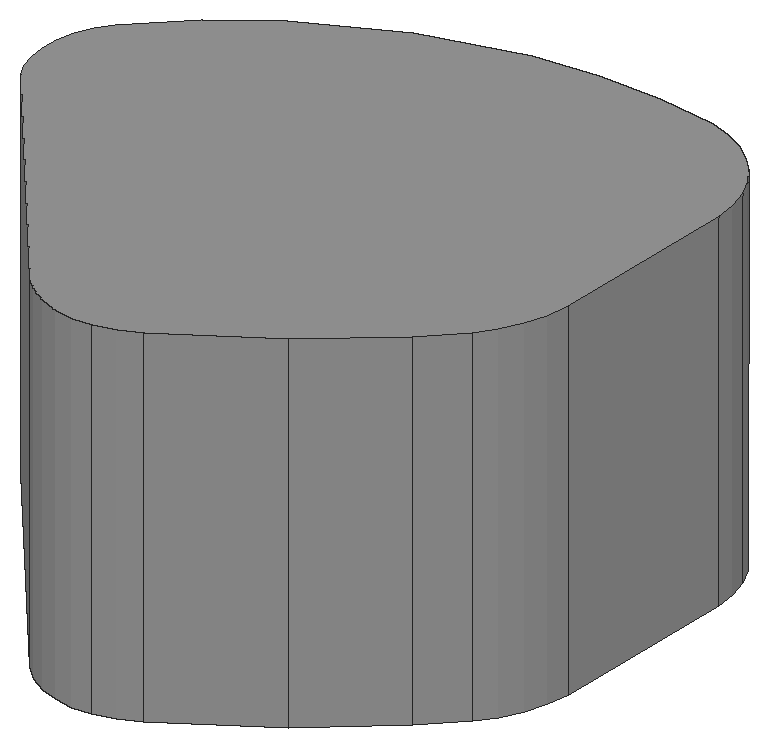
Revit family "Clue_Tables_L23", category Furniture, Revit 2013
Parameters (values of type "CL23")
  Model = "Clue Table L23"
  Length = 1' - 11"
  Glide = Plastic-Bernhardt-Black
  Description = "Table"
  Width = 1' - 8 5/8"
  URL = "http://bernhardtdesign.com/"
  Product Page URL = "http://www.bernhardtdesign.com/products/clue/index.html"
  Product Name = "Clue"
  Product Documentation Link = "http://www.bernhardtdesign.com/pdf/pricelists/occasional/Clue_PL.pdf"
  Manufacturer = "Bernhardt "  # constant formula
  Level Certification = ""
  Height = 1' - 3 1/2"
  GreenGuard Certification = ""
  Bernhardt Wood = Wood-Bernhardt-Walnut
Reference planes (in)
  plane 1 "Center (Front/Back)": y = 0
  plane 2 "Bottom": z = 0
  plane 3 "Center (Left/Right)": x = 0
  plane 4: z = 15.5
  plane 5 "top of base": z = 1.33567
  plane 6 "base": z = 0.21067
  plane 7: through (-6.95702, -7.0349, 48) normal (-0.766, -0.6428, 0)
  plane 8: through (6.36064, -8.3754, 48) normal (-0.6428, 0.766, 0)
  plane 9: through (11.17925, 5.38516, 48) normal (0.9998, -0.0175, 0)
Forms (in)
  Extrusion 1, solid, material "Wood-Bernhardt-Walnut"
    sketch origin (0, 0, 1.33567) x (0, -1, 0) y (1, 0, 0)
      loop
        arc (0, -12.34604) -> (0.85639, -12.06344) -> (1.5841, -11.53079) r 2.89199
        line (1.5841, -11.53079) -> (11.23929, -3.42912)
        arc (11.23929, -3.42912) -> (12.25203, -1.8622) -> (12.3666, 0) r 3.68174
        arc (12.3666, 0) -> (12.12219, 0.82467) -> (11.72886, 1.58959) r 4.61056
        arc (11.72886, 1.58959) -> (10.45786, 3.53159) -> (9.1439, 5.44477) r 104.1226
        arc (9.1439, 5.44477) -> (7.87962, 6.95643) -> (6.55862, 8.41879) r 51.68496
        arc (6.55862, 8.41879) -> (5.89589, 9.1016) -> (5.19045, 9.74017) r 14.72573
        arc (5.19045, 9.74017) -> (3.67348, 10.65708) -> (1.94531, 11.05129) r 5.57328
        line (1.94531, 11.05129) -> (-5.53737, 11.1819)
        arc (-5.53737, 11.1819) -> (-6.38601, 11.08656) -> (-7.20006, 10.82849) r 4.38365
        arc (-7.20006, 10.82849) -> (-8.20277, 10.25445) -> (-9.0476, 9.46627) r 5.01773
        arc (-9.0476, 9.46627) -> (-9.72721, 8.43119) -> (-10.13264, 7.26119) r 5.01773
        arc (-10.13264, 7.26119) -> (-10.2882, 6.09597) -> (-10.35695, 4.92242) r 15.84871
        arc (-10.35695, 4.92242) -> (-10.33819, 2.45049) -> (-10.01275, 0) r 19.87756
        arc (-10.01275, 0) -> (-8.83683, -3.89212) -> (-6.91717, -7.47629) r 20.53665
        arc (-6.91717, -7.47629) -> (-5.24993, -9.63497) -> (-3.31008, -11.5524) r 20.43699
        arc (-3.31008, -11.5524) -> (-1.75715, -12.37511) -> (0, -12.34604) r 3.52594
    from 0 to 14.16433
  Extrusion 2, solid, material "Wood-Bernhardt-Walnut"
    sketch origin (0, 0, 0.21067) x (1, 0, 0) y (0, 1, 0)
      loop
        line (-8.46895, 0.85658) -> (-0.66776, -8.44051)
        arc (-0.66776, -8.44051) -> (3.35451, -5.83007) -> (6.83265, -2.52923) r 26.1567
        arc (6.83265, -2.52923) -> (7.01699, -2.21777) -> (7.07598, -1.86069) r 0.98196
        line (7.07598, -1.86069) -> (7.20388, 5.57143)
        arc (7.20388, 5.57143) -> (7.00843, 6.06108) -> (6.52222, 6.26493) r 0.68177
        arc (6.52222, 6.26493) -> (3.24417, 6.4173) -> (0, 5.92311) r 16.63276
        arc (0, 5.92311) -> (-4.6033, 4.00635) -> (-8.46895, 0.85658) r 17.30518
    from 0 to 1.125
Lines and regions (in)
  symbolic lines
    curve 1: arc (-11.53079, -1.5841, 0.21067) -> (-12.47966, 0.87474, 0.21067) -> (-11.53079, 3.33358, 0.21067) r 3.66027
    curve 2: arc (-11.53079, 3.33358, 0.21067) -> (-8.86575, 5.84447, 0.21067) -> (-5.84055, 7.90727, 0.21067) r 23.32087
    curve 3: arc (-5.84055, 7.90727, 0.21067) -> (-3.01203, 9.21453, 0.21067) -> (0, 10.01275, 0.21067) r 17.94321
    curve 4: arc (0, 10.01275, 0.21067) -> (3.25637, 10.35102, 0.21067) -> (6.52841, 10.24072, 0.21067) r 23.8796
    curve 5: arc (6.52841, 10.24072, 0.21067) -> (8.17525, 9.81298, 0.21067) -> (9.61885, 8.91241, 0.21067) r 5.62522
    curve 6: arc (9.61885, 8.91241, 0.21067) -> (10.72679, 7.47747, 0.21067) -> (11.17542, 5.72097, 0.21067) r 4.48047
    curve 7: arc (11.05129, -1.94531, 0.21067) -> (10.51226, -3.96226, 0.21067) -> (9.31367, -5.67165, 0.21067) r 5.98931
    curve 8: arc (9.31367, -5.67165, 0.21067) -> (7.32987, -7.54576, 0.21067) -> (5.24737, -9.30954, 0.21067) r 50.31083
    curve 9: arc (1.58959, -11.72886, 0.21067) -> (-0.64629, -12.44702, 0.21067) -> (-2.88218, -11.72886, 0.21067) r 3.83963
    curve 10: line (-11.53079, -1.5841, 0.21067) -> (-4.29943, -10.2021, 0.21067)
    curve 11: line (-4.29943, -10.2021, 0.21067) -> (-2.88218, -11.72886, 0.21067)
    curve 12: line (1.58959, -11.72886, 0.21067) -> (5.24737, -9.30954, 0.21067)
    curve 13: line (11.05129, -1.94531, 0.21067) -> (11.18027, 5.44357, 0.21067)
    curve 14: line (11.17542, 5.72097, 0.21067) -> (11.18027, 5.44357, 0.21067)
Dimensions and locks (in)
  plane 4 to level = 1' - 3 1/2"
  nested 1 to plane 3 "Center (Left/Right)" = 0' - 7.09897"
  nested 1 to plane 1 "Center (Front/Back)" = 0' - 0.73748"
  nested 2 to plane 3 "Center (Left/Right)" = 0' - 6.10013"
  nested 2 to plane 1 "Center (Front/Back)" = 0' - 5.28508"
  nested 3 to plane 3 "Center (Left/Right)" = 0' - 6.10013"
  nested 3 to plane 1 "Center (Front/Back)" = 0' - 1.85849"
  nested 4 to plane 3 "Center (Left/Right)" = 0' - 0.46877"
  nested 4 to plane 1 "Center (Front/Back)" = 0' - 6.96529"
  aligned and locked: plane 2 "Bottom" to level
  aligned and locked: plane 3 "Center (Left/Right)" to Extrusion 1 sketch curve  (x2)
  aligned and locked: plane 9 to Extrusion 1 sketch curve  (x2)
  aligned and locked: plane 7 to Extrusion 1 sketch curve  (x2)
  aligned and locked: plane 8 to Extrusion 1 sketch curve
  aligned and locked: Extrusion 1 sketch curve to plane 9
  aligned and locked: Extrusion 1 to plane 5 "top of base"
  aligned and locked: plane 4 to Extrusion 1
  aligned and locked: plane 3 "Center (Left/Right)" to Extrusion 2 sketch curve
  aligned and locked: plane 5 "top of base" to Extrusion 2
  aligned and locked: plane 6 "base" to Extrusion 2
  aligned and locked: curve 7 to Extrusion 1
  aligned and locked: plane 8 to curve 8
  aligned and locked: curve 10 to plane 7
  aligned and locked: curve 13 to plane 9
Nested families (in)
  nested 1: "Clue_TableFoot" at (-7.09897, 0.73748, 0), type "ClueFoot"
  nested 2: "Clue_TableFoot" at (6.10013, 5.28508, 0), type "ClueFoot"
  nested 3: "Clue_TableFoot" at (6.10013, -1.85849, 0), type "ClueFoot"
  nested 4: "Clue_TableFoot" at (-0.46877, -6.96529, 0), type "ClueFoot"
Definition of nested family "Clue_TableFoot"
  Parameters (values of type "ClueFoot")
    Model = "Clue Tables xxx"
    Length = 0' - 0"
    Glide = Plastic-Bernhardt-Black
    Description = "Table"
    Width = 0' - 0"
    URL = "http://bernhardtdesign.com/"
    Product Page URL = "xxx"
    Product Name = "Clue"
    Product Documentation Link = "xxx"
    Manufacturer = "Bernhardt "  # constant formula
    Level Certification = ""
    Height = 0' - 0"
    GreenGuard Certification = ""
  Reference planes (in)
    plane 1 "Center (Front/Back)": y = 0
    plane 2 "Bottom": z = 0
    plane 3 "Center (Left/Right)": x = 0
    plane 4: x = -12.6216
    plane 5: through (11.00094, -8.48401, 48) normal (-0.891, 0.454, 0)
  Forms (in)
    Revolve 1, solid, material "Plastic-Bernhardt-Black"
      sketch origin (7.66437, -0.00236, -0.00899) x (1, 0, 0) y (0, 0, 1)
        loop
          line (-7.68479, 0.2122) -> (-7.68479, 0.02302) -> (-7.4716, 0.06752)
          arc (-7.4716, 0.06752) -> (-7.4443, 0.09057) -> (-7.4341, 0.1248) r 0.0625
          line (-7.4341, 0.1248) -> (-7.4341, 0.2122) -> (-7.68479, 0.2122)
        axis (-7.68479, 0.02302) -> (-7.68479, 0.2122)
      angle from 0 to 360
  Dimensions and locks (in)
    aligned and locked: plane 2 "Bottom" to level
